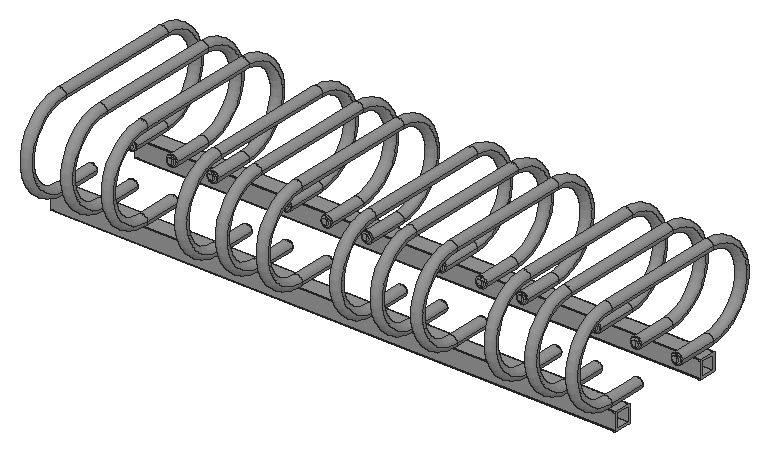
Revit family "Велопарковка 8-ми местная VELO-6", category Антураж, Revit 2017
Family settings
  На основе рабочей плоскости = Нет
  Всегда вертикально = Да
  При загрузке вырезать с полостями = Нет
  Источник визуального образа = Геометрия семейства
  Общий = Нет
  Точка расчета площади = Нет
Parameters (values of type "Велопарковка 8-ми местная VELO-6")
  Стоимость = 16065
  Изготовитель = "ООО \"Хоббика\""
  Высота = 0 mm
  URL = "https://hobbyka.ru/product/veloparkovka_8-mi_mestnaia_velo-6/?sphrase_id=68209"
  ADSK_Размер_Ширина = 630 mm
  ADSK_Размер_Длина = 1600 mm
  ADSK_Размер_Высота = 320 mm
  ADSK_Наименование = "Велопарковка 8-ми местная VELO-6"
  ADSK_Материал велопарковки = Сталь, окрашенная, красная
  ADSK_Код изделия = "7268"
Reference planes
  plane 1 "По центру (Вперед/Назад)": y = 0
  plane 2: z = 0
  plane 3 "По центру (Влево/Вправо)": x = 0
Forms (mm)
  Extrusion 1, solid, material "Сталь, окрашенная, красная" <- "ADSK_Материал велопарковки"
    sketch origin (0, 0, 0) x (0, 1, 0) y (0, 0, 1)
      loop
        line (-181.503, 48) -> (-181.503, 2)
        arc (-181.503, 2) -> (-180.917, 0.586) -> (-179.503, 0) r 2
        line (-179.503, 0) -> (-133.503, 0)
        arc (-133.503, 0) -> (-132.088, 0.586) -> (-131.503, 2) r 2
        line (-131.503, 2) -> (-131.503, 48)
        arc (-131.503, 48) -> (-132.088, 49.414) -> (-133.503, 50) r 2
        line (-133.503, 50) -> (-179.503, 50)
        arc (-179.503, 50) -> (-180.917, 49.414) -> (-181.503, 48) r 2
      loop
        line (-136.503, 45) -> (-176.503, 45) -> (-176.503, 5) -> (-136.503, 5) -> (-136.503, 45)
      loop
        line (118.497, 48) -> (118.497, 2)
        arc (118.497, 2) -> (119.083, 0.586) -> (120.497, 0) r 2
        line (120.497, 0) -> (166.497, 0)
        arc (166.497, 0) -> (167.912, 0.586) -> (168.497, 2) r 2
        line (168.497, 2) -> (168.497, 48)
        arc (168.497, 48) -> (167.912, 49.414) -> (166.497, 50) r 2
        line (166.497, 50) -> (120.497, 50)
        arc (120.497, 50) -> (119.083, 49.414) -> (118.497, 48) r 2
      loop
        line (163.497, 45) -> (123.497, 45) -> (123.497, 5) -> (163.497, 5) -> (163.497, 45)
    from -801.867 to 798.133
  Sweep 2, solid, material "Сталь, окрашенная, красная" <- "ADSK_Материал велопарковки"
    path origin (770.133, 0, 0) x (0, 1, 0) y (0, 0, 1)
      loop
        line (70, 65.018) -> (179.508, 65.018)
        arc (179.508, 65.018) -> (299.49, 185) -> (179.508, 304.982) r 119.982
        line (179.508, 304.982) -> (-179.508, 304.982)
        arc (-179.508, 304.982) -> (-299.49, 185) -> (-179.508, 65.018) r 119.982
        line (-179.508, 65.018) -> (-70, 65.018)
    profile origin (770.133, 0, 304.982) x (0, 0, -1) y (1, 0, 0)
      loop
        circle (0, 0) r 15
  Revolve 3, solid, material "Сталь, окрашенная, красная" <- "ADSK_Материал велопарковки"
    sketch origin (770.13, 0, 0) x (0, 1, 0) y (0, 0, 1)
      loop
        line (-66, 65.018) -> (-66, 74.776) -> (-68, 78.818) -> (-70, 80.018) -> (-70, 65.018) -> (-66, 65.018)
      axis (-70, 65.018) -> (-66, 65.018)
    angle from 0 to 360
  Sweep 4, solid, material "Сталь, окрашенная, красная" <- "ADSK_Материал велопарковки", not visible
    path origin (770.133, 0, 0) x (0, 1, 0) y (0, 0, 1)
      loop
        line (70, 65.018) -> (179.508, 65.018)
        arc (179.508, 65.018) -> (299.49, 185) -> (179.508, 304.982) r 119.982
        line (179.508, 304.982) -> (-179.508, 304.982)
        arc (-179.508, 304.982) -> (-299.49, 185) -> (-179.508, 65.018) r 119.982
        line (-179.508, 65.018) -> (-70, 65.018)
    profile origin (770.133, 0, 304.982) x (0, 0, -1) y (1, 0, 0)
      loop
        circle (0, 0) r 15
  Revolve 5, solid, material "Сталь, окрашенная, красная" <- "ADSK_Материал велопарковки", not visible
    sketch origin (770.13, 0, 0) x (0, 1, 0) y (0, 0, 1)
      loop
        line (-66, 65.018) -> (-66, 74.776) -> (-68, 78.818) -> (-70, 80.018) -> (-70, 65.018) -> (-66, 65.018)
      axis (-70, 65.018) -> (-66, 65.018)
    angle from 0 to 360
  Revolve 6, solid, material "Сталь, окрашенная, красная" <- "ADSK_Материал велопарковки"
    sketch origin (770.13, 0, 0) x (0, -1, 0) y (0, 0, -1)
      loop
        line (-66, -65.018) -> (-70, -65.018) -> (-70, -80.018) -> (-68, -78.818) -> (-66, -74.776) -> (-66, -65.018)
      axis (-70, -65.018) -> (-66, -65.018)
    angle from 0 to 360
  Revolve 7, solid, material "Сталь, окрашенная, красная" <- "ADSK_Материал велопарковки", not visible
    sketch origin (770.13, 0, 0) x (0, -1, 0) y (0, 0, -1)
      loop
        line (-66, -65.018) -> (-70, -65.018) -> (-70, -80.018) -> (-68, -78.818) -> (-66, -74.776) -> (-66, -65.018)
      axis (-70, -65.018) -> (-66, -65.018)
    angle from 0 to 360
  Sweep 8, solid, material "Сталь, окрашенная, красная" <- "ADSK_Материал велопарковки"
    path origin (655.133, 0, 0) x (0, 1, 0) y (0, 0, 1)
      loop
        line (70, 65.018) -> (179.508, 65.018)
        arc (179.508, 65.018) -> (299.49, 185) -> (179.508, 304.982) r 119.982
        line (179.508, 304.982) -> (-179.508, 304.982)
        arc (-179.508, 304.982) -> (-299.49, 185) -> (-179.508, 65.018) r 119.982
        line (-179.508, 65.018) -> (-70, 65.018)
    profile origin (655.133, 0, 304.982) x (0, 0, -1) y (1, 0, 0)
      loop
        circle (0, 0) r 15
  Revolve 9, solid, material "Сталь, окрашенная, красная" <- "ADSK_Материал велопарковки"
    sketch origin (655.13, 0, 0) x (0, 1, 0) y (0, 0, 1)
      loop
        line (-66, 65.018) -> (-66, 74.776) -> (-68, 78.818) -> (-70, 80.018) -> (-70, 65.018) -> (-66, 65.018)
      axis (-70, 65.018) -> (-66, 65.018)
    angle from 0 to 360
  Revolve 10, solid, material "Сталь, окрашенная, красная" <- "ADSK_Материал велопарковки"
    sketch origin (655.13, 0, 0) x (0, -1, 0) y (0, 0, -1)
      loop
        line (-66, -65.018) -> (-70, -65.018) -> (-70, -80.018) -> (-68, -78.818) -> (-66, -74.776) -> (-66, -65.018)
      axis (-70, -65.018) -> (-66, -65.018)
    angle from 0 to 360
  Sweep 11, solid, material "Сталь, окрашенная, красная" <- "ADSK_Материал велопарковки"
    path origin (540.133, 0, 0) x (0, 1, 0) y (0, 0, 1)
      loop
        line (70, 65.018) -> (179.508, 65.018)
        arc (179.508, 65.018) -> (299.49, 185) -> (179.508, 304.982) r 119.982
        line (179.508, 304.982) -> (-179.508, 304.982)
        arc (-179.508, 304.982) -> (-299.49, 185) -> (-179.508, 65.018) r 119.982
        line (-179.508, 65.018) -> (-70, 65.018)
    profile origin (540.133, 0, 304.982) x (0, 0, -1) y (1, 0, 0)
      loop
        circle (0, 0) r 15
  Revolve 12, solid, material "Сталь, окрашенная, красная" <- "ADSK_Материал велопарковки"
    sketch origin (540.13, 0, 0) x (0, 1, 0) y (0, 0, 1)
      loop
        line (-66, 65.018) -> (-66, 74.776) -> (-68, 78.818) -> (-70, 80.018) -> (-70, 65.018) -> (-66, 65.018)
      axis (-70, 65.018) -> (-66, 65.018)
    angle from 0 to 360
  Revolve 13, solid, material "Сталь, окрашенная, красная" <- "ADSK_Материал велопарковки"
    sketch origin (540.13, 0, 0) x (0, -1, 0) y (0, 0, -1)
      loop
        line (-66, -65.018) -> (-70, -65.018) -> (-70, -80.018) -> (-68, -78.818) -> (-66, -74.776) -> (-66, -65.018)
      axis (-70, -65.018) -> (-66, -65.018)
    angle from 0 to 360
  Sweep 14, solid, material "Сталь, окрашенная, красная" <- "ADSK_Материал велопарковки"
    path origin (332.133, 0, 0) x (0, 1, 0) y (0, 0, 1)
      loop
        line (70, 65.018) -> (179.508, 65.018)
        arc (179.508, 65.018) -> (299.49, 185) -> (179.508, 304.982) r 119.982
        line (179.508, 304.982) -> (-179.508, 304.982)
        arc (-179.508, 304.982) -> (-299.49, 185) -> (-179.508, 65.018) r 119.982
        line (-179.508, 65.018) -> (-70, 65.018)
    profile origin (332.133, 0, 304.982) x (0, 0, -1) y (1, 0, 0)
      loop
        circle (0, 0) r 15
  Revolve 15, solid, material "Сталь, окрашенная, красная" <- "ADSK_Материал велопарковки"
    sketch origin (332.13, 0, 0) x (0, 1, 0) y (0, 0, 1)
      loop
        line (-66, 65.018) -> (-66, 74.776) -> (-68, 78.818) -> (-70, 80.018) -> (-70, 65.018) -> (-66, 65.018)
      axis (-70, 65.018) -> (-66, 65.018)
    angle from 0 to 360
  Revolve 16, solid, material "Сталь, окрашенная, красная" <- "ADSK_Материал велопарковки"
    sketch origin (332.13, 0, 0) x (0, -1, 0) y (0, 0, -1)
      loop
        line (-66, -65.018) -> (-70, -65.018) -> (-70, -80.018) -> (-68, -78.818) -> (-66, -74.776) -> (-66, -65.018)
      axis (-70, -65.018) -> (-66, -65.018)
    angle from 0 to 360
  Sweep 17, solid, material "Сталь, окрашенная, красная" <- "ADSK_Материал велопарковки"
    path origin (217.133, 0, 0) x (0, 1, 0) y (0, 0, 1)
      loop
        line (70, 65.018) -> (179.508, 65.018)
        arc (179.508, 65.018) -> (299.49, 185) -> (179.508, 304.982) r 119.982
        line (179.508, 304.982) -> (-179.508, 304.982)
        arc (-179.508, 304.982) -> (-299.49, 185) -> (-179.508, 65.018) r 119.982
        line (-179.508, 65.018) -> (-70, 65.018)
    profile origin (217.133, 0, 304.982) x (0, 0, -1) y (1, 0, 0)
      loop
        circle (0, 0) r 15
  Revolve 18, solid, material "Сталь, окрашенная, красная" <- "ADSK_Материал велопарковки"
    sketch origin (217.13, 0, 0) x (0, 1, 0) y (0, 0, 1)
      loop
        line (-66, 65.018) -> (-66, 74.776) -> (-68, 78.818) -> (-70, 80.018) -> (-70, 65.018) -> (-66, 65.018)
      axis (-70, 65.018) -> (-66, 65.018)
    angle from 0 to 360
  Revolve 19, solid, material "Сталь, окрашенная, красная" <- "ADSK_Материал велопарковки"
    sketch origin (217.13, 0, 0) x (0, -1, 0) y (0, 0, -1)
      loop
        line (-66, -65.018) -> (-70, -65.018) -> (-70, -80.018) -> (-68, -78.818) -> (-66, -74.776) -> (-66, -65.018)
      axis (-70, -65.018) -> (-66, -65.018)
    angle from 0 to 360
  Sweep 20, solid, material "Сталь, окрашенная, красная" <- "ADSK_Материал велопарковки"
    path origin (102.133, 0, 0) x (0, 1, 0) y (0, 0, 1)
      loop
        line (70, 65.018) -> (179.508, 65.018)
        arc (179.508, 65.018) -> (299.49, 185) -> (179.508, 304.982) r 119.982
        line (179.508, 304.982) -> (-179.508, 304.982)
        arc (-179.508, 304.982) -> (-299.49, 185) -> (-179.508, 65.018) r 119.982
        line (-179.508, 65.018) -> (-70, 65.018)
    profile origin (102.133, 0, 304.982) x (0, 0, -1) y (1, 0, 0)
      loop
        circle (0, 0) r 15
  Revolve 21, solid, material "Сталь, окрашенная, красная" <- "ADSK_Материал велопарковки"
    sketch origin (102.13, 0, 0) x (0, 1, 0) y (0, 0, 1)
      loop
        line (-66, 65.018) -> (-66, 74.776) -> (-68, 78.818) -> (-70, 80.018) -> (-70, 65.018) -> (-66, 65.018)
      axis (-70, 65.018) -> (-66, 65.018)
    angle from 0 to 360
  Revolve 22, solid, material "Сталь, окрашенная, красная" <- "ADSK_Материал велопарковки"
    sketch origin (102.13, 0, 0) x (0, -1, 0) y (0, 0, -1)
      loop
        line (-66, -65.018) -> (-70, -65.018) -> (-70, -80.018) -> (-68, -78.818) -> (-66, -74.776) -> (-66, -65.018)
      axis (-70, -65.018) -> (-66, -65.018)
    angle from 0 to 360
  Sweep 23, solid, material "Сталь, окрашенная, красная" <- "ADSK_Материал велопарковки"
    path origin (-105.867, 0, 0) x (0, 1, 0) y (0, 0, 1)
      loop
        line (70, 65.018) -> (179.508, 65.018)
        arc (179.508, 65.018) -> (299.49, 185) -> (179.508, 304.982) r 119.982
        line (179.508, 304.982) -> (-179.508, 304.982)
        arc (-179.508, 304.982) -> (-299.49, 185) -> (-179.508, 65.018) r 119.982
        line (-179.508, 65.018) -> (-70, 65.018)
    profile origin (-105.867, 0, 304.982) x (0, 0, -1) y (1, 0, 0)
      loop
        circle (0, 0) r 15
  Revolve 24, solid, material "Сталь, окрашенная, красная" <- "ADSK_Материал велопарковки"
    sketch origin (-105.87, 0, 0) x (0, 1, 0) y (0, 0, 1)
      loop
        line (-66, 65.018) -> (-66, 74.776) -> (-68, 78.818) -> (-70, 80.018) -> (-70, 65.018) -> (-66, 65.018)
      axis (-70, 65.018) -> (-66, 65.018)
    angle from 0 to 360
  Revolve 25, solid, material "Сталь, окрашенная, красная" <- "ADSK_Материал велопарковки"
    sketch origin (-105.87, 0, 0) x (0, -1, 0) y (0, 0, -1)
      loop
        line (-66, -65.018) -> (-70, -65.018) -> (-70, -80.018) -> (-68, -78.818) -> (-66, -74.776) -> (-66, -65.018)
      axis (-70, -65.018) -> (-66, -65.018)
    angle from 0 to 360
  Sweep 26, solid, material "Сталь, окрашенная, красная" <- "ADSK_Материал велопарковки"
    path origin (-220.867, 0, 0) x (0, 1, 0) y (0, 0, 1)
      loop
        line (70, 65.018) -> (179.508, 65.018)
        arc (179.508, 65.018) -> (299.49, 185) -> (179.508, 304.982) r 119.982
        line (179.508, 304.982) -> (-179.508, 304.982)
        arc (-179.508, 304.982) -> (-299.49, 185) -> (-179.508, 65.018) r 119.982
        line (-179.508, 65.018) -> (-70, 65.018)
    profile origin (-220.867, 0, 304.982) x (0, 0, -1) y (1, 0, 0)
      loop
        circle (0, 0) r 15
  Revolve 27, solid, material "Сталь, окрашенная, красная" <- "ADSK_Материал велопарковки"
    sketch origin (-220.87, 0, 0) x (0, 1, 0) y (0, 0, 1)
      loop
        line (-66, 65.018) -> (-66, 74.776) -> (-68, 78.818) -> (-70, 80.018) -> (-70, 65.018) -> (-66, 65.018)
      axis (-70, 65.018) -> (-66, 65.018)
    angle from 0 to 360
  Revolve 28, solid, material "Сталь, окрашенная, красная" <- "ADSK_Материал велопарковки"
    sketch origin (-220.87, 0, 0) x (0, -1, 0) y (0, 0, -1)
      loop
        line (-66, -65.018) -> (-70, -65.018) -> (-70, -80.018) -> (-68, -78.818) -> (-66, -74.776) -> (-66, -65.018)
      axis (-70, -65.018) -> (-66, -65.018)
    angle from 0 to 360
  Sweep 29, solid, material "Сталь, окрашенная, красная" <- "ADSK_Материал велопарковки"
    path origin (-335.867, 0, 0) x (0, 1, 0) y (0, 0, 1)
      loop
        line (70, 65.018) -> (179.508, 65.018)
        arc (179.508, 65.018) -> (299.49, 185) -> (179.508, 304.982) r 119.982
        line (179.508, 304.982) -> (-179.508, 304.982)
        arc (-179.508, 304.982) -> (-299.49, 185) -> (-179.508, 65.018) r 119.982
        line (-179.508, 65.018) -> (-70, 65.018)
    profile origin (-335.867, 0, 304.982) x (0, 0, -1) y (1, 0, 0)
      loop
        circle (0, 0) r 15
  Revolve 30, solid, material "Сталь, окрашенная, красная" <- "ADSK_Материал велопарковки"
    sketch origin (-335.87, 0, 0) x (0, 1, 0) y (0, 0, 1)
      loop
        line (-66, 65.018) -> (-66, 74.776) -> (-68, 78.818) -> (-70, 80.018) -> (-70, 65.018) -> (-66, 65.018)
      axis (-70, 65.018) -> (-66, 65.018)
    angle from 0 to 360
  Revolve 31, solid, material "Сталь, окрашенная, красная" <- "ADSK_Материал велопарковки"
    sketch origin (-335.87, 0, 0) x (0, -1, 0) y (0, 0, -1)
      loop
        line (-66, -65.018) -> (-70, -65.018) -> (-70, -80.018) -> (-68, -78.818) -> (-66, -74.776) -> (-66, -65.018)
      axis (-70, -65.018) -> (-66, -65.018)
    angle from 0 to 360
  Sweep 32, solid, material "Сталь, окрашенная, красная" <- "ADSK_Материал велопарковки"
    path origin (-543.867, 0, 0) x (0, 1, 0) y (0, 0, 1)
      loop
        line (70, 65.018) -> (179.508, 65.018)
        arc (179.508, 65.018) -> (299.49, 185) -> (179.508, 304.982) r 119.982
        line (179.508, 304.982) -> (-179.508, 304.982)
        arc (-179.508, 304.982) -> (-299.49, 185) -> (-179.508, 65.018) r 119.982
        line (-179.508, 65.018) -> (-70, 65.018)
    profile origin (-543.867, 0, 304.982) x (0, 0, -1) y (1, 0, 0)
      loop
        circle (0, 0) r 15
  Revolve 33, solid, material "Сталь, окрашенная, красная" <- "ADSK_Материал велопарковки"
    sketch origin (-543.87, 0, 0) x (0, 1, 0) y (0, 0, 1)
      loop
        line (-66, 65.018) -> (-66, 74.776) -> (-68, 78.818) -> (-70, 80.018) -> (-70, 65.018) -> (-66, 65.018)
      axis (-70, 65.018) -> (-66, 65.018)
    angle from 0 to 360
  Revolve 34, solid, material "Сталь, окрашенная, красная" <- "ADSK_Материал велопарковки"
    sketch origin (-543.87, 0, 0) x (0, -1, 0) y (0, 0, -1)
      loop
        line (-66, -65.018) -> (-70, -65.018) -> (-70, -80.018) -> (-68, -78.818) -> (-66, -74.776) -> (-66, -65.018)
      axis (-70, -65.018) -> (-66, -65.018)
    angle from 0 to 360
  Sweep 35, solid, material "Сталь, окрашенная, красная" <- "ADSK_Материал велопарковки"
    path origin (-658.867, 0, 0) x (0, 1, 0) y (0, 0, 1)
      loop
        line (70, 65.018) -> (179.508, 65.018)
        arc (179.508, 65.018) -> (299.49, 185) -> (179.508, 304.982) r 119.982
        line (179.508, 304.982) -> (-179.508, 304.982)
        arc (-179.508, 304.982) -> (-299.49, 185) -> (-179.508, 65.018) r 119.982
        line (-179.508, 65.018) -> (-70, 65.018)
    profile origin (-658.867, 0, 304.982) x (0, 0, -1) y (1, 0, 0)
      loop
        circle (0, 0) r 15
  Revolve 36, solid, material "Сталь, окрашенная, красная" <- "ADSK_Материал велопарковки"
    sketch origin (-658.87, 0, 0) x (0, 1, 0) y (0, 0, 1)
      loop
        line (-66, 65.018) -> (-66, 74.776) -> (-68, 78.818) -> (-70, 80.018) -> (-70, 65.018) -> (-66, 65.018)
      axis (-70, 65.018) -> (-66, 65.018)
    angle from 0 to 360
  Revolve 37, solid, material "Сталь, окрашенная, красная" <- "ADSK_Материал велопарковки"
    sketch origin (-658.87, 0, 0) x (0, -1, 0) y (0, 0, -1)
      loop
        line (-66, -65.018) -> (-70, -65.018) -> (-70, -80.018) -> (-68, -78.818) -> (-66, -74.776) -> (-66, -65.018)
      axis (-70, -65.018) -> (-66, -65.018)
    angle from 0 to 360
  Sweep 38, solid, material "Сталь, окрашенная, красная" <- "ADSK_Материал велопарковки"
    path origin (-773.867, 0, 0) x (0, 1, 0) y (0, 0, 1)
      loop
        line (70, 65.018) -> (179.508, 65.018)
        arc (179.508, 65.018) -> (299.49, 185) -> (179.508, 304.982) r 119.982
        line (179.508, 304.982) -> (-179.508, 304.982)
        arc (-179.508, 304.982) -> (-299.49, 185) -> (-179.508, 65.018) r 119.982
        line (-179.508, 65.018) -> (-70, 65.018)
    profile origin (-773.867, 0, 304.982) x (0, 0, -1) y (1, 0, 0)
      loop
        circle (0, 0) r 15
  Revolve 39, solid, material "Сталь, окрашенная, красная" <- "ADSK_Материал велопарковки"
    sketch origin (-773.87, 0, 0) x (0, 1, 0) y (0, 0, 1)
      loop
        line (-66, 65.018) -> (-66, 74.776) -> (-68, 78.818) -> (-70, 80.018) -> (-70, 65.018) -> (-66, 65.018)
      axis (-70, 65.018) -> (-66, 65.018)
    angle from 0 to 360
  Revolve 40, solid, material "Сталь, окрашенная, красная" <- "ADSK_Материал велопарковки"
    sketch origin (-773.87, 0, 0) x (0, -1, 0) y (0, 0, -1)
      loop
        line (-66, -65.018) -> (-70, -65.018) -> (-70, -80.018) -> (-68, -78.818) -> (-66, -74.776) -> (-66, -65.018)
      axis (-70, -65.018) -> (-66, -65.018)
    angle from 0 to 360
Dimensions and locks
  aligned and locked: level to plane 2
